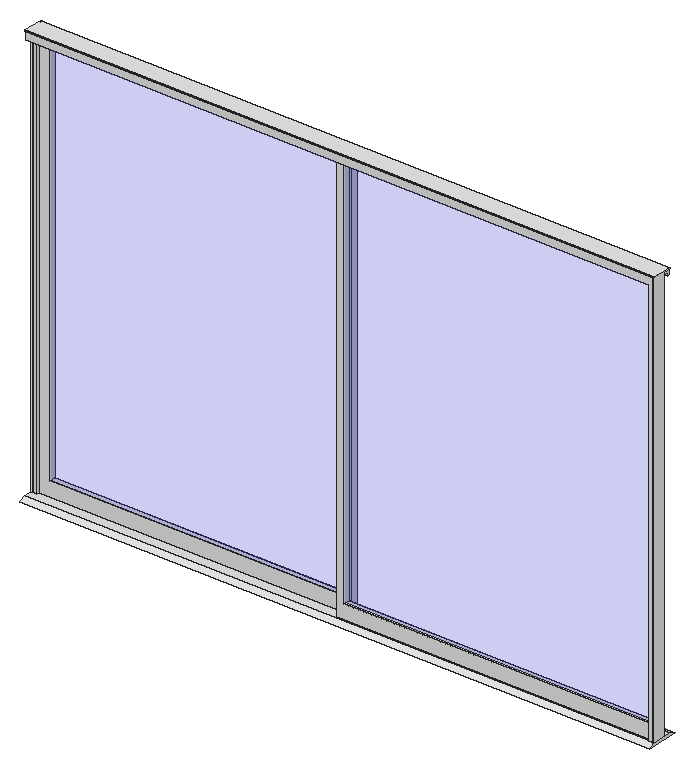
Revit family "Door-Sliding-Kawneer-1010_Mall_Front-OX", category Doors, host Wall, Revit 2015
Parameters (values of type "12'x8' - 1" Glazing")
  Wall Thickness [instance] = 1' - 5"
  URL = "http://www.kawneer.com/kawneer/en/home.asp"
  Type Comments = "1\" Glazing"
  Threshold Material = Aluminum - Kawneer - Clear
  Threshold Height = 0' - 0 19/32"  # constant formula
  Thickness = 0' - 1 1/2"  # constant formula
  Shim Space = 0' - 0 1/4"
  Product data url = "https://bimobject.com/kawneerna/product/20681"
  Product Page URL = "http://www.kawneer.com/kawneer/north_america/en/bim.asp?prod_id=1846"
  Product Documentation Link = "http://www.kawneer.com/kawneer/north_america/en/product_related_doc.asp?prod_id=1846&doc_id=114"
  Percent Open [instance] = 0
  Panel Width Fixed = if(1 = 1, ((Width - 0' 2") / 2) + 0' 0 13/16" + (0' 1 3/4" * 0.25) + 0' 0 7/16" * 1.5, 1' 0")  # 6' - 0 29/32"
  Panel Width = if(1 = 1, ((Width - 0' 2") / 2) + (0' 1 3/4" * 0.25) + 0' 0 7/16" * 1.5, 1' 0")  # 6' - 0 3/32"
  Panel Open Percent [instance] = if(Percent Open < 101, ((Panel Width - 0' 1 3/4") * ((100 - Percent Open) / 100)), 0' 0")  # 5' - 10 11/32"
  Panel Glazing Material [instance] = Glass - Kawneer - Clear
  Panel Finish [instance] = Aluminum - Kawneer - Clear
  Model = "1010 Sliding Mall Front"
  Manufacturer = "Kawneer"  # constant formula
  Intermediate Rail Height = 2' - 6"
  Height = 8' - 0"
  Has Intermediate Rail [instance] = no
  Glazing Thickness = 0' - 1"
  Function = Interior
  Frame Jamb Width = 0' - 1"  # constant formula
  Frame Inset [instance] = 0' - 0"
  Frame Head Width = 0' - 1 3/8"  # constant formula
  Frame Finish [instance] = Aluminum - Kawneer - Clear
  Wall Closure = By host
  Width = 12' - 0"
  Frame Depth = 0' - 4 17/32"  # constant formula
  Existing [instance] = no
  Description = "Sliding OX"
  Copyright © = "2013 Kawneer"  # constant formula
  CTRL Wall Thickness [instance] = if(1 = 1, Wall Thickness, 1' 0")  # 1' - 5"
  CTRL Panel Height = Height - 0' 0 3/4" - Threshold Height  # 7' - 10 21/32"
  CTRL Panel Offset Left [instance] = if(1 = 1, Panel Width - (0' 1 3/4" / 1), 1' 0")  # 5' - 10 11/32"
  CTRL Offset [instance] = if(Frame Inset < 0' 0", Frame Inset - Frame Inset - Frame Inset, 0' 0")  # 0' - 0"
  CTRL Inset [instance] = if(Frame Inset < 0' 0", 0' 0", Frame Inset)  # 0' - 0"
  CTRL Frame Sides Depth [instance] = 0' - 2 15/32"  # constant formula
  Assembly Code = "C1020110"
  Appear In Schedule = 0 = 0  # yes
Types (3): name | Type Comments | Glazing Thickness
  (no name) | "1\" Glazing" | 0' - 1"
  12'x8' - 1/4" Glazing | "1/4\" Glazing" | 0' - 0 1/4"
  12'x8' - 1" Glazing | "1\" Glazing" | 0' - 1"
Reference planes (in)
  plane 1 "Center (Front/Back)": y = 0
  plane 2 "Bottom": z = 0
  plane 3 "Center (Left/Right)": x = 0
  plane 4 "Top": z = 96
  plane 5 "Strike": x = -72
  plane 6 "Hinge": x = 72
  plane 7 "Wall Edge Exterior": y = 8.5
  plane 8 "Wall Edge Interior": y = -8.5
  plane 9 "Frame Inset": y = -2.26562
  plane 10 "Frame Offset": y = 0
  plane 11 "Operating Panel": x = 0.65625
  plane 12 "Interlock Panel 1 L/R": x = 24.6575
  plane 13 "Fixed Panel Right": x = 71.8125
  plane 14 "Fixed Panel Center": y = -1.03125
  plane 15 "Opening Right": x = 72.25
  plane 16 "Opening Left": x = -72.25
  plane 17 "Frame Right": x = 71
  plane 18 "Frame Left": x = -71
  plane 19 "Frame Head": z = 94.625
  plane 20 "Frame Exterior": y = 2.26563
  plane 21 "Exterior Frame Depth": y = -0.20312
  plane 22 "Interior Frame Depth": y = 0.20313
  plane 23 "Lock Jamb Panel Center": y = 1.03125
  plane 24 "Threshold Height": z = 0.59375
  plane 25 "Threshold Exterior": y = 3.51563
  plane 26 "Threshold Interior": y = -3.51562
  plane 27 "Frame Center F/B": y = 0
  plane 28 "Opening Top": z = 96.25
Forms (in)
  Sweep 1, solid, material "Aluminum - Kawneer - Clear" <- "Frame Finish"
    path origin (0, 0, 0) x (1, 0, 0) y (0, 0, 1)
      loop
        line (0, 0.59375) -> (0, 96)
    profile origin (0, 0, 48.29687) x (-1, 0, 0) y (0, -1, 0)
      loop
        line (71, -2.26563) -> (72, -2.26563) -> (72, 0.20312) -> (71, 0.20312) -> (71, -0.17188) -> (71.4375, -0.17188) -> (71.4375, -1.89063) -> (71, -1.89063) -> (71, -2.26563)
      loop
        line (-71, -0.20313) -> (-71, 0.17187) -> (-71.8125, 0.17187) -> (-71.8125, 1.89062) -> (-71, 1.89062) -> (-71, 2.26562) -> (-72, 2.26562) -> (-72, -0.20313) -> (-71, -0.20313)
  Sweep 2, solid, material "Aluminum - Kawneer - Clear" <- "Threshold Material"
    path origin (0, 0, 0) x (1, 0, 0) y (0, 0, 1)
      loop
        line (-72.25, 0.59375) -> (72.25, 0.59375)
    profile origin (0, 0, 0.59375) x (0, 0, 1) y (0, -1, 0)
      loop
        line (-0.59375, 3.51562) -> (-0.59375, -3.51563) -> (0, -2.26563) -> (0, 2.26562) -> (-0.59375, 3.51562)
  Sweep 3, solid, material "Aluminum - Kawneer - Clear" <- "Frame Finish"
    path origin (0, 0, 0) x (1, 0, 0) y (0, 0, 1)
      loop
        line (-72, 94.625) -> (72, 94.625)
    profile origin (0, 0, 94.625) x (0, 0, 1) y (0, -1, 0)
      loop
        line (-0.34375, 2.26562) -> (-0.34375, 1.89062) -> (0.625, 1.89062) -> (0.625, 0.20312) -> (0, 0.20312) -> (0, -0.17188) -> (0.625, -0.17188) -> (0.625, -1.89063) -> (0, -1.89063) -> (0, -2.26563) -> (1.375, -2.26563) -> (1.375, 2.26562) -> (-0.34375, 2.26562)
  Sweep 4, solid, material "Silicone - Kawneer - Gray"
    path origin (0, -1.03125, 0) x (-1, 0, 0) y (0, 0, 1)
      loop
        line (-72, 0) -> (-72, 96.25)
    profile "Shim-Kawneer-Profile-2D : Sides" origin (72, -1.03125, 48.125) x (1, 0, 0) y (0, 1, 0)
      loop
        line (0.25, 1.35938) -> (0, 1.23438) -> (0, -1.23437) -> (0.25, -1.35937) -> (0.25, 1.35938)
  Sweep 5, solid, material "Silicone - Kawneer - Gray"
    path origin (0, 1.03125, 0) x (-1, 0, 0) y (0, 0, 1)
      loop
        line (72, 0) -> (72, 96.25)
    profile "Shim-Kawneer-Profile-2D : Sides" origin (-72, 1.03125, 48.125) x (1, 0, 0) y (0, 1, 0)
      loop
        line (-0.25, -1.35938) -> (0, -1.23438) -> (0, 1.23437) -> (-0.25, 1.35937) -> (-0.25, -1.35938)
  Sweep 6, solid, material "Silicone - Kawneer - Gray"
    path origin (0, 0, 0) x (-1, 0, 0) y (0, 0, 1)
      loop
        line (72.25, 96) -> (-72.25, 96)
    profile "Shim-Kawneer-Profile-2D : Top" origin (0, 0, 96) x (0, 0, -1) y (0, 1, 0)
      loop
        line (-0.25, -2.25) -> (0, -2.125) -> (0, 2.125) -> (-0.25, 2.25) -> (-0.25, -2.25)
Cuts and joins
  joined: Sweep 1, Sweep 3
  joined: Sweep 4, Sweep 5, Sweep 6
Lines and regions (in)
  Opening 1
    outline origin (-60, -8.5, 0) x (1, 0, 0) y (0, 0, 1)
      loop
        line (-12.25, 96.25) -> (-12.25, 0) -> (132.25, 0) -> (132.25, 96.25) -> (-12.25, 96.25)
  Masking region 1, detail levels medium+fine
    outline origin (0, 0, 0.59375) x (-1, 0, 0) y (0, -1, 0)
      loop
        line (-71, -0.20313) -> (-71, 0.17187) -> (-71.8125, 0.17187) -> (-71.8125, 1.89062) -> (-71, 1.89062) -> (-71, 2.26562) -> (-72, 2.26562) -> (-72, -0.20313) -> (-71, -0.20313)
      loop
        line (71, -2.26563) -> (72, -2.26563) -> (72, 0.20312) -> (71, 0.20312) -> (71, -0.17188) -> (71.4375, -0.17188) -> (71.4375, -1.89063) -> (71, -1.89063) -> (71, -2.26563)
  Masking region 2, detail levels coarse
    outline origin (-0.8125, -0.08398, 0.59375) x (-1, 0, 0) y (0, -1, 0)
      loop
        line (-71.8125, -0.2871) -> (-71.8125, 2.18165) -> (-72.8125, 2.18165) -> (-72.8125, -0.2871) -> (-71.8125, -0.2871)
      loop
        line (70.1875, -2.3496) -> (71.1875, -2.3496) -> (71.1875, 0.11915) -> (70.1875, 0.11915) -> (70.1875, -2.3496)
  Masking region 3
    outline origin (0.4375, -0.15357, 0.59375) x (-1, 0, 0) y (0, -1, 0)
      loop
        line (-71.5625, -0.35669) -> (-71.5625, 2.11206) -> (-71.8125, 2.11206) -> (-71.8125, -0.35669) -> (-71.5625, -0.35669)
      loop
        line (72.4375, -2.41919) -> (72.6875, -2.41919) -> (72.6875, 0.04956) -> (72.4375, 0.04956) -> (72.4375, -2.41919)
Text (in)
  text "EXTERIOR" at (-58.6888, 50.90694, 0), in view "Ref. Level"
  text "INTERIOR" at (-58.6888, -37.76638, 0), in view "Ref. Level"
  text "Exterior" at (0, 43.65631, 123.19604), in view "Left"
  text "Exterior" at (0, 18.29385, 125.04747), in view "Right"
Dimensions and locks (in)
  "Width": plane 5 "Strike" to plane 6 "Hinge"
  locked: plane 7 "Wall Edge Exterior" to host wall at 0
  "Wall Thickness": host wall to host wall
  "CTRL Wall Thickness": plane 7 "Wall Edge Exterior" to plane 8 "Wall Edge Interior"
  equal spacing: host wall, plane 1 "Center (Front/Back)", host wall
  equal spacing: plane 5 "Strike", plane 3 "Center (Left/Right)", plane 6 "Hinge"
  "Height": plane 4 "Top" to plane 2 "Bottom"
  "CTRL Offset": plane 10 "Frame Offset" to plane 1 "Center (Front/Back)"
  "Shim Space": plane 6 "Hinge" to plane 15 "Opening Right"
  "Shim Space": plane 16 "Opening Left" to plane 5 "Strike"
  "Frame Jamb Width": plane 5 "Strike" to plane 18 "Frame Left"
  "Frame Jamb Width": plane 17 "Frame Right" to plane 6 "Hinge"
  "Frame Head Width": plane 4 "Top" to plane 19 "Frame Head"
  "Frame Depth": plane 20 "Frame Exterior" to plane 9 "Frame Inset"
  "CTRL Frame Sides Depth": plane 20 "Frame Exterior" to plane 21 "Exterior Frame Depth"
  "CTRL Frame Sides Depth": plane 22 "Interior Frame Depth" to plane 9 "Frame Inset"
  locked: plane 20 "Frame Exterior" to Sweep 1 sketch curve at 0.375
  locked: Sweep 1 sketch curve to plane 21 "Exterior Frame Depth" at 0.375
  locked: Sweep 1 sketch curve to plane 18 "Frame Left" at 0.4375
  locked: plane 22 "Interior Frame Depth" to Sweep 1 sketch curve at 0.375
  locked: plane 9 "Frame Inset" to Sweep 1 sketch curve at 0.375
  equal spacing: plane 22 "Interior Frame Depth", plane 14 "Fixed Panel Center", plane 9 "Frame Inset"
  equal spacing: plane 20 "Frame Exterior", plane 23 "Lock Jamb Panel Center", plane 21 "Exterior Frame Depth"
  "Threshold Height": plane 24 "Threshold Height" to plane 2 "Bottom"
  locked: plane 9 "Frame Inset" to plane 26 "Threshold Interior" at 1.25
  locked: plane 25 "Threshold Exterior" to plane 20 "Frame Exterior" at 1.25
  locked: Sweep 3 sketch curve to plane 4 "Top" at 1.71875
  locked: Sweep 3 sketch curve to plane 19 "Frame Head" at 0.625
  locked: plane 13 "Fixed Panel Right" to plane 6 "Hinge" at 0.1875
  "CTRL Inset": plane 10 "Frame Offset" to plane 27 "Frame Center F/B"
  equal spacing: plane 20 "Frame Exterior", plane 27 "Frame Center F/B", plane 9 "Frame Inset"
  "Panel Open Percent": plane 11 "Operating Panel" to plane 17 "Frame Right"
  "Shim Space": plane 28 "Opening Top" to plane 4 "Top"
  aligned and locked: level to plane 2 "Bottom"
  aligned and locked: Opening 1 sketch curve to plane 16 "Opening Left"
  aligned and locked: Opening 1 sketch curve to plane 15 "Opening Right"
  aligned and locked: Opening 1 sketch curve to plane 2 "Bottom"
  aligned and locked: plane 3 "Center (Left/Right)" to Sweep 1 sketch curve
  aligned and locked: Sweep 1 sketch curve to plane 21 "Exterior Frame Depth"
  aligned and locked: plane 5 "Strike" to Sweep 1 sketch curve
  aligned and locked: plane 20 "Frame Exterior" to Sweep 1 sketch curve
  aligned and locked: Sweep 1 sketch curve to plane 18 "Frame Left"
  aligned and locked: Sweep 1 sketch curve to plane 6 "Hinge"
  aligned and locked: plane 9 "Frame Inset" to Sweep 1 sketch curve
  aligned and locked: plane 17 "Frame Right" to Sweep 1 sketch curve  (x2)
  aligned and locked: Sweep 1 sketch curve to plane 22 "Interior Frame Depth"
  aligned and locked: nested 1 to plane 14 "Fixed Panel Center"
  aligned and locked: nested 2 to plane 23 "Lock Jamb Panel Center"
  aligned and locked: plane 24 "Threshold Height" to Sweep 1 sketch curve
  aligned and locked: Sweep 2 sketch curve to plane 24 "Threshold Height"  (x2)
  aligned and locked: plane 2 "Bottom" to Sweep 2 sketch curve
  aligned and locked: plane 25 "Threshold Exterior" to Sweep 2 sketch curve
  aligned and locked: plane 20 "Frame Exterior" to Sweep 2 sketch curve
  aligned and locked: plane 26 "Threshold Interior" to Sweep 2 sketch curve
  aligned and locked: plane 9 "Frame Inset" to Sweep 2 sketch curve
  aligned and locked: plane 6 "Hinge" to Sweep 3 sketch curve
  aligned and locked: plane 5 "Strike" to Sweep 3 sketch curve
  aligned and locked: Sweep 3 sketch curve to plane 19 "Frame Head"
  aligned and locked: plane 4 "Top" to Sweep 3 sketch curve
  aligned and locked: plane 9 "Frame Inset" to Sweep 3 sketch curve
  aligned and locked: Sweep 3 sketch curve to plane 20 "Frame Exterior"
  aligned and locked: plane 19 "Frame Head" to Sweep 3 sketch curve  (x2)
  aligned and locked: Sweep 3 sketch curve to Sweep 1  (x3)
  aligned and locked: plane 21 "Exterior Frame Depth" to Sweep 3 sketch curve
  aligned and locked: Sweep 3 sketch curve to Sweep 3 sketch curve
  aligned and locked: plane 4 "Top" to Sweep 1 sketch curve
  aligned and locked: nested 1 to plane 13 "Fixed Panel Right"
  aligned and locked: Sweep 1 sketch curve to plane 13 "Fixed Panel Right"
  aligned and locked: nested 2 to plane 11 "Operating Panel"
  aligned and locked: plane 20 "Frame Exterior" to Masking region 1 sketch curve
  aligned and locked: plane 5 "Strike" to Masking region 1 sketch curve
  aligned and locked: Masking region 1 sketch curve to plane 21 "Exterior Frame Depth"
  aligned and locked: Masking region 1 sketch curve to plane 18 "Frame Left"  (x2)
  aligned and locked: cut or joined group of Sweep 1, Sweep 3 to Masking region 1 sketch curve
  aligned and locked: Masking region 1 sketch curve to cut or joined group of Sweep 1, Sweep 3  (x4)
  aligned and locked: Masking region 1 sketch curve to plane 13 "Fixed Panel Right"
  aligned and locked: plane 9 "Frame Inset" to Masking region 1 sketch curve
  aligned and locked: Masking region 1 sketch curve to plane 22 "Interior Frame Depth"
  aligned and locked: plane 17 "Frame Right" to Masking region 1 sketch curve  (x2)
  aligned and locked: Masking region 2 sketch curve to plane 18 "Frame Left"
  aligned and locked: plane 20 "Frame Exterior" to Masking region 2 sketch curve
  aligned and locked: Masking region 2 sketch curve to plane 21 "Exterior Frame Depth"
  aligned and locked: plane 5 "Strike" to Masking region 2 sketch curve
  aligned and locked: Masking region 2 sketch curve to plane 6 "Hinge"
  aligned and locked: plane 9 "Frame Inset" to Masking region 2 sketch curve
  aligned and locked: Masking region 2 sketch curve to plane 22 "Interior Frame Depth"
  aligned and locked: plane 17 "Frame Right" to Masking region 2 sketch curve
  aligned and locked: Masking region 1 sketch curve to plane 6 "Hinge"
  aligned and locked: plane 28 "Opening Top" to Sweep 4 sketch curve
  aligned and locked: Sweep 4 sketch curve to plane 2 "Bottom"
  aligned and locked: plane 6 "Hinge" to Sweep 4 sketch curve
  aligned and locked: plane 15 "Opening Right" to Sweep 2 sketch curve
  aligned and locked: plane 16 "Opening Left" to Sweep 2 sketch curve
  aligned and locked: plane 28 "Opening Top" to Sweep 5 sketch curve
  aligned and locked: Sweep 5 sketch curve to plane 5 "Strike"
  aligned and locked: plane 2 "Bottom" to Sweep 5 sketch curve
  aligned and locked: plane 16 "Opening Left" to Sweep 6 sketch curve
  aligned and locked: plane 15 "Opening Right" to Sweep 6 sketch curve
  aligned and locked: plane 4 "Top" to Sweep 6 sketch curve
  aligned and locked: Opening 1 sketch curve to plane 28 "Opening Top"
  aligned and locked: plane 6 "Hinge" to Masking region 3 sketch curve
  aligned and locked: Masking region 3 sketch curve to plane 22 "Interior Frame Depth"
  aligned and locked: plane 9 "Frame Inset" to Masking region 3 sketch curve
  aligned and locked: Masking region 3 sketch curve to plane 15 "Opening Right"
  aligned and locked: plane 16 "Opening Left" to Masking region 3 sketch curve
  aligned and locked: plane 20 "Frame Exterior" to Masking region 3 sketch curve
  aligned and locked: Masking region 3 sketch curve to plane 21 "Exterior Frame Depth"
  aligned and locked: Masking region 3 sketch curve to plane 5 "Strike"
Automatic sketch dimensions
  Sweep 1 sketch curve to Sweep 1 sketch curve = 0' - 0 7/16"
Nested families (in)
  nested 1: "Panel-Sliding-Kawneer-1010" at (35.35937, -1.03125, 0.59375), built-in parameter 1001364 <- "Threshold Height", Height <- "CTRL Panel Height", Width <- "Panel Width Fixed", Has Intermediate Rail <- "Has Intermediate Rail", Panel Material <- "Panel Finish", Glazing Material <- "Panel Glazing Material", Thickness <- "Thickness", Rail Intermediate Height <- "Intermediate Rail Height", Glazing Thickness <- "Glazing Thickness", type "L-B Interlock - Fixed Jamb"
    with Width 6' - 0 29/32", Thickness 0' - 1 1/2", Rail Intermediate Height 2' - 6", Panel Material Aluminum - Kawneer - Clear, Opens Right no, Opens Left no, Height 7' - 10 21/32", Has Intermediate Rail no, Glazing Thickness 0' - 1", Glazing Material Glass - Kawneer - Clear, CTRL Rail Intermediate Height 2' - 6", CTRL Rail Intermediate 0' - 0", CTRL Open Arrow no, Stile Right 0' - 0 13/16", Rail Head 0' - 1 1/8", Rail Bottom 0' - 3 1/4", Has Interlock Back Left yes
  nested 2: "Panel-Sliding-Kawneer-1010" at (-35.39063, 1.03125, 0.59375), built-in parameter 1001364 <- "Threshold Height", Height <- "CTRL Panel Height", Width <- "Panel Width", Has Intermediate Rail <- "Has Intermediate Rail", Panel Material <- "Panel Finish", Glazing Material <- "Panel Glazing Material", Thickness <- "Thickness", Rail Intermediate Height <- "Intermediate Rail Height", Glazing Thickness <- "Glazing Thickness", type "Lock Jamb - R-F Interlock"
    with Width 6' - 0 3/32", Thickness 0' - 1 1/2", Rail Intermediate Height 2' - 6", Panel Material Aluminum - Kawneer - Clear, Opens Right yes, Opens Left no, Height 7' - 10 21/32", Has Intermediate Rail no, Glazing Thickness 0' - 1", Glazing Material Glass - Kawneer - Clear, CTRL Rail Intermediate Height 2' - 6", CTRL Rail Intermediate 0' - 0", CTRL Open Arrow yes, Stile Left 0' - 2 29/32", Rail Head 0' - 1 1/8", Rail Bottom 0' - 3 1/4", Has Interlock Front Right yes
Definition of nested family "Panel-Sliding-Kawneer-1010"
  Parameters
    Width [instance] = 3' - 0"
    Thickness [instance] = 0' - 1 1/2"
    Stile Right = 0' - 1 3/4"
    Stile Left = 0' - 1 3/4"
    Rail Intermediate Height [instance] = 2' - 6"
    Rail Intermediate = 0' - 1 3/4"
    Rail Head = 0' - 3"
    Rail Bottom = 0' - 7"
    Panel Material [instance] = none
    Opens Right [instance] = no
    Opens Left [instance] = no
    Manufacturer = "Kawneer"  # constant formula
    Height [instance] = 7' - 0"
    Has Intermediate Rail [instance] = no
    Has Interlock Front Right = no
    Has Interlock Front Left = no
    Has Interlock Back Right = no
    Has Interlock Back Left = no
    Glazing Thickness [instance] = 0' - 0 1/4"
    Glazing Material [instance] = none
    Description = "Storefront Mall Sliding 1010 Panel"  # constant formula
    CTRL Rail Intermediate Height [instance] = if(Height < Rail Intermediate Height, Height / 2, Rail Intermediate Height)  # 2' - 6"
    CTRL Rail Intermediate [instance] = if(Has Intermediate Rail, Rail Intermediate, 0' 0")  # 0' - 0"
    CTRL Open Arrow [instance] = or(Opens Right, Opens Left)  # no
  Reference planes (in)
    plane 1 "Center (Front/Back)": y = 0
    plane 2 "Original Bottom": z = 0
    plane 3 "Center (Left/Right)": x = 0
    plane 4 "Back": y = 0.75
    plane 5 "Front": y = -0.75
    plane 6 "Left": x = -18
    plane 7 "Right": x = 18
    plane 8: z = 84
    plane 9 "Left Stile R": x = -16.25
    plane 10 "Right Stile L": x = 16.25
    plane 11 "Head Rail B": z = 81
    plane 12 "Bottom Rail T": z = 7
    plane 13 "Glazing Back": y = 0.125
    plane 14 "Glazing Front": y = -0.125
    plane 15 "Interlock Front": y = -1.25
    plane 16 "Interlock Back": y = 1.25
    plane 17 "Right Interlock Center": x = 17.125
    plane 18 "Left Interlock Center": x = -17.125
    plane 19 "Intermediate Top": z = 31.75
    plane 20 "Intermediate Glass Top": z = 31.75
    plane 21 "Intermediate Bottom": z = 30
    plane 22 "Center Elevation": z = 42
  Forms (in)
    Sweep 1, solid, material <- "Panel Material"
      path origin (0, 0, 0) x (1, 0, 0) y (0, 1, 0)
        loop
          line (0, -0.75) -> (0, 0.75)
      profile origin (0, 0, 0) x (-1, 0, 0) y (0, 0, 1)
        loop
          line (18, 84) -> (-18, 84) -> (-18, 0) -> (18, 0) -> (18, 84)
        loop
          line (16.25, 81) -> (-16.25, 81) -> (-16.25, 7) -> (16.25, 7) -> (16.25, 81)
    Extrusion 2, solid, material <- "Glazing Material"
      sketch origin (0, 0, 0) x (1, 0, 0) y (0, 0, 1)
        loop
          line (-16.25, 81) -> (-16.25, 31.75) -> (16.25, 31.75) -> (16.25, 81) -> (-16.25, 81)
      from -0.125 to 0.125
    Sweep 3, solid, material <- "Panel Material", visible <- "Has Interlock Back Right", detail levels medium+fine
      path origin (0, 0.75, 0) x (-1, 0, 0) y (0, 0, 1)
        loop
          line (-17.125, 0) -> (-17.125, 84)
      profile origin (17.125, 0.75, 42) x (1, 0, 0) y (0, 1, 0)
        loop
          line (0, 0.5) -> (0, 0) -> (0.875, 0) -> (0.875, 0.5) -> (0, 0.5)
    Sweep 4, solid, material <- "Panel Material", visible <- "Has Interlock Back Left", detail levels medium+fine
      path origin (0, 0.75, 0) x (1, 0, 0) y (0, 0, 1)
        loop
          line (-17.125, 0) -> (-17.125, 84)
      profile origin (-17.125, 0.75, 42) x (1, 0, 0) y (0, 1, 0)
        loop
          line (0, 0.5) -> (-0.875, 0.5) -> (-0.875, 0) -> (0, 0) -> (0, 0.5)
    Sweep 5, solid, material <- "Panel Material", visible <- "Has Interlock Front Left", detail levels medium+fine
      path origin (0, -0.75, 0) x (-1, 0, 0) y (0, 0, 1)
        loop
          line (17.125, 0) -> (17.125, 84)
      profile origin (-17.125, -0.75, 42) x (1, 0, 0) y (0, 1, 0)
        loop
          line (-0.875, 0) -> (-0.875, -0.5) -> (0, -0.5) -> (0, 0) -> (-0.875, 0)
    Sweep 6, solid, material <- "Panel Material", visible <- "Has Interlock Front Right", detail levels medium+fine
      path origin (0, -0.75, 0) x (1, 0, 0) y (0, 0, 1)
        loop
          line (17.125, 0) -> (17.125, 84)
      profile origin (17.125, -0.75, 42) x (1, 0, 0) y (0, 1, 0)
        loop
          line (0.875, 0) -> (0, 0) -> (0, -0.5) -> (0.875, -0.5) -> (0.875, 0)
    Extrusion 7, solid, material <- "Glazing Material"
      sketch origin (-1, 0, -39) x (1, 0, 0) y (0, 0, 1)
        loop
          line (-15.25, 70.75) -> (-15.25, 46) -> (17.25, 46) -> (17.25, 70.75) -> (-15.25, 70.75)
      from -0.125 to 0.125
    Sweep 8, solid, material <- "Panel Material", visible <- "Has Intermediate Rail"
      path origin (0, 0, 0) x (1, 0, 0) y (0, 0, 1)
        loop
          line (-16.25, 31.75) -> (16.25, 31.75)
      profile origin (0, 0, 31.75) x (0, 0, 1) y (0, -1, 0)
        loop
          line (0, 0.75) -> (-1.75, 0.75) -> (-1.75, -0.75) -> (0, -0.75) -> (0, 0.75)
  Cuts and joins
    joined: Extrusion 2, Extrusion 7
  Lines and regions (in)
    Masking region 1
      outline origin (0, 0, 7) x (-1, 0, 0) y (0, -1, 0)
        loop
          line (18, -0.75) -> (18, 0.75) -> (16.25, 0.75) -> (16.25, -0.75) -> (18, -0.75)
        loop
          line (-16.25, -0.75) -> (-16.25, 0.75) -> (-18, 0.75) -> (-18, -0.75) -> (-16.25, -0.75)
    Masking region 2
      outline origin (0, 0, 7) x (-1, 0, 0) y (0, -1, 0)
        loop
          line (16.25, -0.75) -> (16.25, 0.75) -> (-16.25, 0.75) -> (-16.25, -0.75) -> (16.25, -0.75)
    Masking region 3, detail levels fine
      outline origin (0, 0, 7) x (-1, 0, 0) y (0, -1, 0)
        loop
          line (16.25, -0.125) -> (16.25, 0.125) -> (-16.25, 0.125) -> (-16.25, -0.125) -> (16.25, -0.125)
    Masking region 4, visible <- "Has Interlock Back Left", detail levels medium+fine
      outline origin (0, 0, 7) x (-1, 0, 0) y (0, -1, 0)
        loop
          line (18, -1.25) -> (18, -0.75) -> (17.125, -0.75) -> (17.125, -1.25) -> (18, -1.25)
    Masking region 5, visible <- "Has Interlock Back Right", detail levels medium+fine
      outline origin (0, 0, 7) x (0, -1, 0) y (1, 0, 0)
        loop
          line (-1.25, 18) -> (-1.25, 17.125) -> (-0.75, 17.125) -> (-0.75, 18) -> (-1.25, 18)
    Masking region 6, visible <- "Has Interlock Front Right", detail levels medium+fine
      outline origin (0, 0, 7) x (1, 0, 0) y (0, 1, 0)
        loop
          line (18, -1.25) -> (18, -0.75) -> (17.125, -0.75) -> (17.125, -1.25) -> (18, -1.25)
    Masking region 7, visible <- "Has Interlock Front Left", detail levels medium+fine
      outline origin (0, 0, 7) x (0, 1, 0) y (-1, 0, 0)
        loop
          line (-1.25, 18) -> (-1.25, 17.125) -> (-0.75, 17.125) -> (-0.75, 18) -> (-1.25, 18)
    symbolic lines, detail levels coarse+medium
      curve 1: line (-16.25, 0, 7) -> (16.25, 0, 7)
    model lines, visible <- "CTRL Open Arrow", detail levels medium+fine
      curve 2: line (-4, -0.125, 42) -> (4, -0.125, 42)
      curve 7: line (-4, 0.125, 42) -> (4, 0.125, 42)
    model lines, visible <- "Opens Right", detail levels medium+fine
      curve 3: line (2.58579, -0.125, 43.41421) -> (4, -0.125, 42)
      curve 4: line (2.58579, -0.125, 40.58579) -> (4, -0.125, 42)
      curve 8: line (2.58579, 0.125, 43.41421) -> (4, 0.125, 42)
      curve 9: line (2.58579, 0.125, 40.58579) -> (4, 0.125, 42)
    model lines, visible <- "Opens Left", detail levels medium+fine
      curve 5: line (-2.58579, -0.125, 43.41421) -> (-4, -0.125, 42)
      curve 6: line (-2.58579, -0.125, 40.58579) -> (-4, -0.125, 42)
      curve 10: line (-2.58579, 0.125, 43.41421) -> (-4, 0.125, 42)
      curve 11: line (-2.58579, 0.125, 40.58579) -> (-4, 0.125, 42)
  Dimensions and locks (in)
    "Thickness": plane 4 "Back" to plane 5 "Front"
    equal spacing: plane 4 "Back", plane 1 "Center (Front/Back)", plane 5 "Front"
    "Height": plane 8 to plane 2 "Original Bottom"
    equal spacing: plane 6 "Left", plane 3 "Center (Left/Right)", plane 7 "Right"
    "Width": plane 6 "Left" to plane 7 "Right"
    "Stile Left": plane 6 "Left" to plane 9 "Left Stile R"
    "Stile Right": plane 10 "Right Stile L" to plane 7 "Right"
    "Rail Bottom": plane 12 "Bottom Rail T" to plane 2 "Original Bottom"
    "Rail Head": plane 8 to plane 11 "Head Rail B"
    equal spacing: plane 13 "Glazing Back", plane 1 "Center (Front/Back)", plane 14 "Glazing Front"
    "Glazing Thickness": plane 13 "Glazing Back" to plane 14 "Glazing Front"
    locked: plane 5 "Front" to plane 15 "Interlock Front" at 0.5
    locked: plane 16 "Interlock Back" to plane 4 "Back" at 0.5
    equal spacing: plane 7 "Right", plane 17 "Right Interlock Center", plane 10 "Right Stile L"
    equal spacing: plane 6 "Left", plane 18 "Left Interlock Center", plane 9 "Left Stile R"
    "CTRL Rail Intermediate": plane 19 "Intermediate Top" to plane 20 "Intermediate Glass Top"
    "Rail Intermediate": plane 19 "Intermediate Top" to plane 21 "Intermediate Bottom"
    "CTRL Rail Intermediate Height": plane 21 "Intermediate Bottom" to plane 2 "Original Bottom"
    equal spacing: plane 8, plane 22 "Center Elevation", plane 2 "Original Bottom"
    equal spacing: curve 2, plane 3 "Center (Left/Right)", curve 2, locked at 4 each
    curve 3 to curve 3 = 0' - 1.41421"
    equal spacing: curve 3, plane 22 "Center Elevation", curve 4, locked at 1.41421 each
    curve 5 to plane 22 "Center Elevation" to curve 6 = 0' - 1.41421" locked, 0' - 1.41421" locked
    curve 7 to curve 7 = 0' - 8"
    equal spacing: curve 7, plane 3 "Center (Left/Right)", curve 7, locked at 4 each
    equal spacing: curve 8, plane 22 "Center Elevation", curve 9, locked at 1.41421 each
    equal spacing: curve 10, plane 22 "Center Elevation", curve 11, locked at 1.41421 each
    aligned and locked: plane 2 "Original Bottom" to level
    aligned and locked: plane 4 "Back" to Sweep 1 sketch curve
    aligned and locked: plane 5 "Front" to Sweep 1 sketch curve
    aligned and locked: plane 3 "Center (Left/Right)" to Sweep 1 sketch curve
    aligned and locked: plane 2 "Original Bottom" to Sweep 1 sketch curve
    aligned and locked: Sweep 1 sketch curve to plane 7 "Right"
    aligned and locked: Sweep 1 sketch curve to plane 8
    aligned and locked: Sweep 1 sketch curve to plane 6 "Left"
    aligned and locked: Sweep 1 sketch curve to plane 11 "Head Rail B"
    aligned and locked: Sweep 1 sketch curve to plane 9 "Left Stile R"
    aligned and locked: plane 12 "Bottom Rail T" to Sweep 1 sketch curve
    aligned and locked: plane 10 "Right Stile L" to Sweep 1 sketch curve
    aligned and locked: plane 10 "Right Stile L" to Extrusion 2 sketch curve
    aligned and locked: Extrusion 2 sketch curve to plane 9 "Left Stile R"
    aligned and locked: Extrusion 2 sketch curve to plane 11 "Head Rail B"
    aligned and locked: plane 13 "Glazing Back" to Extrusion 2
    aligned and locked: Extrusion 2 to plane 14 "Glazing Front"
    aligned and locked: plane 8 to Sweep 3 sketch curve
    aligned and locked: plane 2 "Original Bottom" to Sweep 3 sketch curve
    aligned and locked: plane 17 "Right Interlock Center" to Sweep 3 sketch curve  (x2)
    aligned and locked: Sweep 3 sketch curve to plane 7 "Right"
    aligned and locked: profile plane to Sweep 3 sketch curve
    aligned and locked: Sweep 3 sketch curve to plane 16 "Interlock Back"
    aligned and locked: plane 8 to Sweep 4 sketch curve
    aligned and locked: Sweep 4 sketch curve to plane 18 "Left Interlock Center"  (x2)
    aligned and locked: plane 2 "Original Bottom" to Sweep 4 sketch curve
    aligned and locked: plane 16 "Interlock Back" to Sweep 4 sketch curve
    aligned and locked: plane 6 "Left" to Sweep 4 sketch curve
    aligned and locked: Sweep 4 sketch curve to plane 4 "Back"
    aligned and locked: Sweep 5 sketch curve to plane 6 "Left"
    aligned and locked: plane 15 "Interlock Front" to Sweep 5 sketch curve
    aligned and locked: Sweep 5 sketch curve to plane 5 "Front"
    aligned and locked: plane 18 "Left Interlock Center" to Sweep 5 sketch curve
    aligned and locked: Sweep 5 sketch curve to plane 18 "Left Interlock Center"
    aligned and locked: plane 8 to Sweep 5 sketch curve
    aligned and locked: plane 2 "Original Bottom" to Sweep 5 sketch curve
    aligned and locked: plane 7 "Right" to Sweep 6 sketch curve
    aligned and locked: Sweep 6 sketch curve to plane 15 "Interlock Front"
    aligned and locked: plane 5 "Front" to Sweep 6 sketch curve
    aligned and locked: Sweep 6 sketch curve to plane 17 "Right Interlock Center"
    aligned and locked: plane 2 "Original Bottom" to Sweep 6 sketch curve
    aligned and locked: plane 8 to Sweep 6 sketch curve
    aligned and locked: plane 17 "Right Interlock Center" to Sweep 6 sketch curve
    aligned and locked: plane 19 "Intermediate Top" to Extrusion 2 sketch curve
    aligned and locked: Extrusion 7 sketch curve to plane 20 "Intermediate Glass Top"
    aligned and locked: plane 12 "Bottom Rail T" to Extrusion 7 sketch curve
    aligned and locked: plane 10 "Right Stile L" to Extrusion 7 sketch curve
    aligned and locked: Extrusion 7 sketch curve to plane 9 "Left Stile R"
    aligned and locked: plane 9 "Left Stile R" to Sweep 8 sketch curve
    aligned and locked: plane 10 "Right Stile L" to Sweep 8 sketch curve
    aligned and locked: Sweep 8 sketch curve to plane 19 "Intermediate Top"  (x2)
    aligned and locked: plane 21 "Intermediate Bottom" to Sweep 8 sketch curve
    aligned and locked: Sweep 8 sketch curve to plane 4 "Back"
    aligned and locked: plane 5 "Front" to Sweep 8 sketch curve
    aligned and locked: Masking region 1 sketch curve to plane 7 "Right"
    aligned and locked: Masking region 1 sketch curve to plane 10 "Right Stile L"
    aligned and locked: Masking region 1 sketch curve to plane 4 "Back"  (x2)
    aligned and locked: plane 5 "Front" to Masking region 1 sketch curve  (x2)
    aligned and locked: plane 9 "Left Stile R" to Masking region 1 sketch curve
    aligned and locked: Masking region 1 sketch curve to plane 6 "Left"
    aligned and locked: Masking region 2 sketch curve to plane 4 "Back"
    aligned and locked: plane 5 "Front" to Masking region 2 sketch curve
    aligned and locked: Masking region 2 sketch curve to plane 9 "Left Stile R"
    aligned and locked: plane 10 "Right Stile L" to Masking region 2 sketch curve
    aligned and locked: Masking region 3 sketch curve to plane 13 "Glazing Back"
    aligned and locked: Masking region 3 sketch curve to plane 9 "Left Stile R"
    aligned and locked: plane 10 "Right Stile L" to Masking region 3 sketch curve
    aligned and locked: plane 14 "Glazing Front" to Masking region 3 sketch curve
    aligned and locked: plane 9 "Left Stile R" to curve 1
    aligned and locked: plane 10 "Right Stile L" to curve 1
    aligned and locked: plane 1 "Center (Front/Back)" to curve 1
    aligned and locked: Masking region 4 sketch curve to plane 6 "Left"
    aligned and locked: plane 4 "Back" to Masking region 4 sketch curve
    aligned and locked: plane 18 "Left Interlock Center" to Masking region 4 sketch curve
    aligned and locked: Masking region 4 sketch curve to plane 16 "Interlock Back"
    aligned and locked: plane 7 "Right" to Masking region 5 sketch curve
    aligned and locked: plane 16 "Interlock Back" to Masking region 5 sketch curve
    aligned and locked: Masking region 5 sketch curve to plane 4 "Back"
    aligned and locked: Masking region 5 sketch curve to plane 17 "Right Interlock Center"
    aligned and locked: plane 15 "Interlock Front" to Masking region 6 sketch curve
    aligned and locked: plane 17 "Right Interlock Center" to Masking region 6 sketch curve
    aligned and locked: Masking region 6 sketch curve to plane 7 "Right"
    aligned and locked: Masking region 6 sketch curve to plane 5 "Front"
    aligned and locked: plane 13 "Glazing Back" to cut or joined group of Extrusion 2, Extrusion 7
    aligned and locked: cut or joined group of Extrusion 2, Extrusion 7 to plane 14 "Glazing Front"
    aligned and locked: plane 6 "Left" to Masking region 7 sketch curve
    aligned and locked: Masking region 7 sketch curve to plane 15 "Interlock Front"
    aligned and locked: Masking region 7 sketch curve to plane 18 "Left Interlock Center"
    aligned and locked: plane 5 "Front" to Masking region 7 sketch curve
    aligned and locked: plane 22 "Center Elevation" to curve 3
    aligned and locked: curve 7 to plane 22 "Center Elevation"
    aligned and locked: plane 22 "Center Elevation" to curve 9
  Automatic sketch dimensions
    plane 3 "Center (Left/Right)" to curve 2 = 0' - 4"
    curve 4 to plane 22 "Center Elevation" = 0' - 1.41421"
    curve 5 to curve 2 = 0' - 1.41421"
    curve 2 to curve 3 = 0' - 1.41421"
    plane 3 "Center (Left/Right)" to curve 7 = 0' - 4"
    plane 22 "Center Elevation" to curve 8 = 0' - 1.41421"
    curve 7 to curve 8 = 0' - 1.41421"
    curve 11 to curve 7 = 0' - 1.41421"
    curve 11 to plane 22 "Center Elevation" = 0' - 1.41421"
